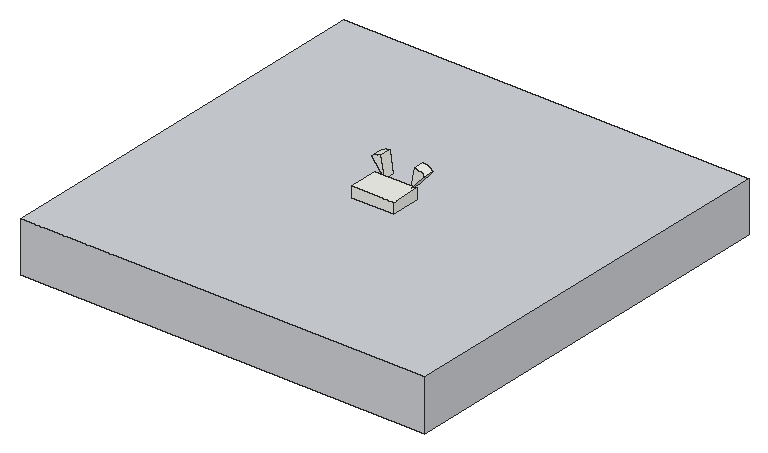
Revit family "M_Luz de emergência de parede", category Luminárias, Revit 2019
Family settings
  Hospedeiro = Face
  Cota do conector redondo = Utilizar diâmetro
  Tipo de parte = Normal
  Número OmniClass = 23.80.70.11.21
  Título OmniClass = Emergency Lighting
  ID de item do Seek = Emergency Wall Light-0000-CAN-ENU
  Corte com vazios quando carregada = Não
  Fonte luminosa = Não
  Compartilhado = Não
  Ponto de cálculo do ambiente = Não
Parameters (values of type "120V")
  built-in parameter 1150142 = (empty or 0)
  Material = Aço, acabamento de pintura, marfim, com brilho
  Classificação de carga = Iluminação - Unidade de interrupção
  Lâmpada = "A-19"
  Elevação-padrão = 2100 mm
  built-in parameter 1140040 [instance] = 1
  Voltagem do transformador = 120 V
  Transformador por número de postes = 1
  Carga aparente = 100 VA
Types (3, lengths in mm): name | Voltagem do transformador
  (no name) | 120 V
  120V | 120 V
  277V | 277 V
Reference planes
  plane 1 "Centro (Frente/Trás)": y = 0
  plane 2: z = 0
  plane 3 "Centro (Esquerda/Direita)": x = 0
  plane 4: y = 88.9
  plane 5: y = -88.9
  plane 6: x = -127
  plane 7: x = 127
  plane 8: z = 63.5
  plane 9: z = 33.337
  plane 10: x = -78.978
  plane 11: x = 78.978
  plane 12: y = 165.1
  plane 13: y = 101.6
  plane 14: y = 133.35
  plane 15: x = -132.655
  plane 16: x = 132.655
  plane 17: z = 150
Forms (mm)
  Extrusion 1, solid
    sketch origin (0, 0, 0) x (1, 0, 0) y (0, 1, 0)
      loop
        line (-1219.2, 1219.2) -> (-1219.2, -1219.2) -> (1219.2, -1219.2) -> (1219.2, 1219.2) -> (-1219.2, 1219.2)
    from 0 to -304.8
  Extrusion 2, solid, material "Aço, acabamento de pintura, marfim, com brilho" <- "Material"
    sketch origin (0, 0, 0) x (1, 0, 0) y (0, 1, 0)
      loop
        line (-127, 88.9) -> (-127, -88.9) -> (127, -88.9) -> (127, 88.9) -> (-127, 88.9)
    from 0 to 63.5
  Extrusion 3, solid, material "Aço, acabamento de pintura, marfim, com brilho" <- "Material"
    sketch origin (0, 0, 0) x (1, 0, 0) y (0, 0, 1)
      loop
        line (-78.978, 33.337) -> (-100.929, 157.825)
        arc (-100.929, 157.825) -> (-131.979, 147.232) -> (-159.28, 129.038) r 127
        line (-159.28, 129.038) -> (-78.978, 33.337)
      loop
        line (78.978, 33.337) -> (160.612, 130.625)
        arc (160.612, 130.625) -> (132.651, 148.439) -> (101.031, 158.408) r 127
        line (101.031, 158.408) -> (78.978, 33.337)
    from -165.1 to -101.6
  Extrusion 4, solid, material "Aço, acabamento de pintura, marfim, com brilho" <- "Material"
    sketch origin (0, 0, 0) x (1, 0, 0) y (0, 1, 0)
      loop
        circle (0, 0) r 12.7
    from 0 to 63.5
Cuts and joins
  joined: Extrusion 2, Extrusion 4
Lines and regions (mm)
  symbolic lines
    curve 1: line (127, 0, 63.5) -> (175.98, 0, 121.873)
    curve 2: line (127, 0, 63.5) -> (113.768, 0, 138.542)
    curve 3: line (113.768, 0, 138.542) -> (175.98, 0, 121.873)
    curve 4: line (-127, 0, 63.5) -> (-175.98, 0, 121.873)
    curve 5: line (-127, 0, 63.5) -> (-113.768, 0, 138.542)
    curve 6: line (-113.768, 0, 138.542) -> (-175.98, 0, 121.873)
  symbolic lines, detail levels coarse+medium
    curve 7: line (-127, 0, 63.5) -> (127, 0, 0)
Dimensions and locks
  locked: plane 6 to plane 3 "Centro (Esquerda/Direita)" at 127
  locked: plane 3 "Centro (Esquerda/Direita)" to plane 7 at 127
  locked: plane 4 to plane 1 "Centro (Frente/Trás)" at 88.9
  locked: plane 1 "Centro (Frente/Trás)" to plane 5 at 88.9
  locked: plane 2 to plane 8 at 63.5
  locked: plane 2 to plane 9 at 33.338
  locked: plane 3 "Centro (Esquerda/Direita)" to plane 11 at 78.978
  locked: plane 3 "Centro (Esquerda/Direita)" to plane 10 at 78.978
  cut or joined group of Extrusion 2, Extrusion 4 to plane 13 to plane 12 = 12.7 mm locked, 63.5 mm locked
  equal spacing: plane 12, plane 14, plane 13
  equal spacing: plane 15, plane 3 "Centro (Esquerda/Direita)", plane 16, locked at 132.655 each
  plane 17 to plane 2 = 150 mm
  aligned and locked: plane 2 to Extrusion 1
  aligned and locked: level to Extrusion 1
  aligned and locked: plane 6 to Extrusion 2 sketch curve
  aligned and locked: Extrusion 2 sketch curve to plane 4
  aligned and locked: plane 5 to Extrusion 2 sketch curve
  aligned and locked: Extrusion 2 sketch curve to plane 7
  aligned and locked: Extrusion 2 to plane 2
  aligned and locked: plane 8 to Extrusion 2
  aligned and locked: plane 12 to Extrusion 3
  aligned and locked: plane 1 "Centro (Frente/Trás)" to Extrusion 4 sketch curve
  aligned and locked: plane 3 "Centro (Esquerda/Direita)" to Extrusion 4 sketch curve
  aligned and locked: Extrusion 4 to plane 2
  aligned and locked: plane 8 to Extrusion 4
  aligned and locked: Extrusion 3 to plane 13
  aligned and locked: plane 15 to nested 1
  aligned and locked: nested 1 to plane 17
  aligned and locked: nested 1 to plane 14
  aligned and locked: nested 2 to plane 14
  aligned and locked: nested 2 to plane 17
  aligned and locked: plane 16 to nested 2
Automatic sketch dimensions
  Extrusion 1 sketch curve to Extrusion 1 sketch curve = 2438.4 mm  (x2)
  Extrusion 3 sketch curve to plane 9 = 0 mm  (x4)
  Extrusion 3 sketch curve to plane 10 = 0 mm
  Extrusion 3 sketch curve to plane 11 = 0 mm  (x2)
  plane 10 to Extrusion 3 sketch curve = 21.95 mm
  Extrusion 3 sketch curve to plane 6 = 32.28 mm
  Extrusion 3 sketch curve to plane 10 = 3.187 mm
  Extrusion 3 sketch curve to plane 11 = 22.053 mm
  plane 7 to Extrusion 3 sketch curve = 33.612 mm
  plane 8 to Extrusion 3 sketch curve = 65.538 mm
  plane 8 to Extrusion 3 sketch curve = 67.125 mm
  curve 5 to plane 6 = 0 mm
  curve 2 to plane 7 = 0 mm
  curve 7 to level = 0 mm
  curve 7 to plane 7 = 0 mm
  curve 7 to plane 8 = 0 mm
  curve 2 to plane 8 = 0 mm
  curve 6 to plane 15 = 43.325 mm
  plane 6 to curve 5 = 13.232 mm
  curve 3 to plane 7 = 13.232 mm
  plane 16 to curve 1 = 43.325 mm
  plane 8 to curve 4 = 58.373 mm
  plane 8 to curve 1 = 58.373 mm
  curve 4 to curve 6 = 16.67 mm
  curve 1 to curve 2 = 16.67 mm
  radius of Extrusion 4 sketch curve = 12.7 mm
Nested families
  nested 1: "Família 1" at (-132.655, 624.444, 19.031), type "Origem da luz 01"
  nested 2: "Família 1" at (132.655, 624.444, 19.031), type "Origem da luz 02"
Connectors
  electrical at (0, 0, 0), driven by "Carga aparente", driven by "Voltagem do transformador", driven by "Transformador por número de postes", driven by "Classificação de carga"
    settings: on Extrusion 4, index 1, voltage 120 V, apparent load 0 VA, apparent load phase1 100 VA, apparent load phase2 0 VA, apparent load phase3 0 VA, power factor 0.95, load classification "Iluminação - Unidade de interrupção", number of poles 1, system type 31, power factor state 1, is connector primary yes, connector utility no, sub classification motor no, connector description ""
Definition of nested family "Família 1"
  Parameters
    Wattage = 50 W
    built-in parameter 1150110 = 1 (stored number, unit not read)
    built-in parameter 1114217 = 1 (stored number, unit not read)
    built-in parameter 1150109 = 1 (stored number, unit not read)
    built-in parameter 1150134 = 4
    built-in parameter 1150113 = 1 (stored number, unit not read)
    Tilt Angle = -150.00°
    Photometric Web File = "EWL2A19.ies"
    Lumens = 780 lm
    built-in parameter 1150115 = 1 (stored number, unit not read)
    built-in parameter 1150105 = 62.07 (stored number, unit not read)
    built-in parameter 1150137 = 1
    built-in parameter 1150139 = (empty or 0)
    built-in parameter 1150112 = 1 (stored number, unit not read)
    built-in parameter 1150114 = 1 (stored number, unit not read)
    built-in parameter 1150132 = (empty or 0)
    built-in parameter 1150102 = (empty or 0)
    built-in parameter 1150138 = (empty or 0)
    built-in parameter 1150107 = 2800 (stored number, unit not read)
    built-in parameter 1150106 = 0.6207 (stored number, unit not read)
    built-in parameter 1150104 = 1.4493 (stored number, unit not read)
    Dimming Lamp Color Temperature Shift = (empty or 0)
    Color Filter = 16777215
    built-in parameter 1114218 = 1 (stored number, unit not read)
    built-in parameter 1150133 = 10 (stored number, unit not read)
    Assembly Code = ""
  Reference planes
    plane 1 "Eixo de origem da luz (F/T)": z = 130.969
    plane 2: z = 0
    plane 3 "Eixo de origem da luz (E/D)": x = 0
    plane 4 "Elevação da origem da luz": y = -491.094
  Lines and regions (mm)
    reference lines
      curve 1: line (0, 1871.106, 0) -> (0, -1710.294, 0)
      curve 2: line (-1092.2, -491.094, 0) -> (2159, -491.094, 0)
  Dimensions and locks
    aligned and locked: curve 1 to plane 3 "Eixo de origem da luz (E/D)"
    aligned and locked: curve 2 to plane 4 "Elevação da origem da luz"
    aligned and locked: imposter light to plane 1 "Eixo de origem da luz (F/T)"
    aligned and locked: imposter light to plane 3 "Eixo de origem da luz (E/D)"
    aligned and locked: plane 4 "Elevação da origem da luz" to imposter light
